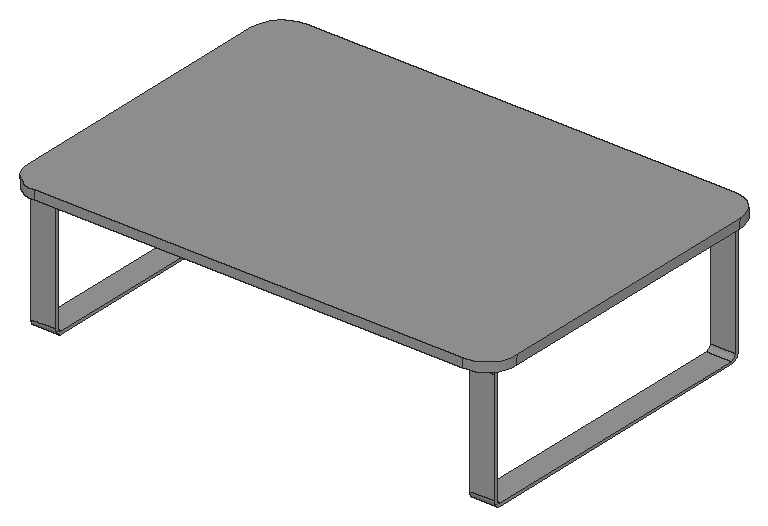
Revit family "NST069S", category Furniture, Revit 2019
Family settings
  OmniClass Number = 23.40.20.00
  OmniClass Title = General Furniture and Specialties
  Work Plane-Based = No
  Always vertical = Yes
  Cut with Voids When Loaded = No
  Shared = No
  Room Calculation Point = No
Parameters
  Width = 980 mm
  URL = "www.gof.co.uk"
  Top = Gresham - NORDIC ASH
  Range = "SEATING"
  Product Data Specification = ""
  Product Code = "NST069S"
  Product Brochure = "https://gof.co.uk/wp-content/uploads/2018/03/Take-Off-Lite-Brochure.pdf"
  Model = "TAKE OFF LITE"
  Manufacturer = "Gresham Office Furniture"  # constant formula
Reference planes
  plane 1 "Center (Front/Back)": y = -54.5
  plane 2: z = 0
  plane 3 "Center (Left/Right)": x = 0
  plane 4 "Right Inner": x = 490
  plane 5 "Left Inner": x = -490
  plane 6: y = 285.5
  plane 7: y = -394.5
  plane 8 "Seat Height": z = 460
  plane 9: z = 275
Forms (mm)
  Extrusion 1, solid, material "Gresham - NORDIC ASH" <- "Top"
    sketch origin (0, 0, 257) x (0, 1, 0) y (-1, 0, 0)
      loop
        arc (285.5, 430) -> (267.926, 472.426) -> (225.5, 490) r 60
        line (225.5, 490) -> (-334.5, 490)
        arc (-334.5, 490) -> (-376.926, 472.426) -> (-394.5, 430) r 60
        line (-394.5, 430) -> (-394.5, -430)
        arc (-394.5, -430) -> (-376.926, -472.426) -> (-334.5, -490) r 60
        line (-334.5, -490) -> (225.5, -490)
        arc (225.5, -490) -> (267.926, -472.426) -> (285.5, -430) r 60
        line (285.5, -430) -> (285.5, 430)
    from 0 to 18
Dimensions and locks
  equal spacing: plane 5 "Left Inner", plane 3 "Center (Left/Right)", plane 4 "Right Inner"
  "Width": plane 5 "Left Inner" to plane 4 "Right Inner"
  equal spacing: plane 6, plane 1 "Center (Front/Back)", plane 7
  plane 6 to plane 7 = 680 mm
  plane 9 to level = 275 mm
  locked: nested 1 to plane 4 "Right Inner" at 25
  locked: plane 5 "Left Inner" to nested 2 at 25
  aligned and locked: level to plane 2
Automatic sketch dimensions
  Extrusion 1 sketch curve to plane 7 = 0 mm
  Extrusion 1 sketch curve to plane 4 "Right Inner" = 0 mm
  Extrusion 1 sketch curve to plane 5 "Left Inner" = 0 mm
  Extrusion 1 sketch curve to plane 6 = 0 mm
  Extrusion 1 sketch curve to Extrusion 1 sketch curve = 60 mm  (x2)
  plane 7 to Extrusion 1 sketch curve = 60 mm
  Extrusion 1 sketch curve to plane 6 = 60 mm
Nested families
  nested 1: "Table Skid Frame" at (190, -137.5, 0), type "Table Skid Frame"
  nested 2: "Table Skid Frame" at (-190, -137.5, 0) x (-1, 0, 0) z (0, 0, 1), type "Table Skid Frame"
Definition of nested family "Table Skid Frame"
  Parameters (values of type "Table Skid Frame")
    Width = 600 mm
    URL = "www.gof.co.uk"
    Range = "TAKE OFF LITE"
    Product Code = ""
    Manufacturer = "Gresham Office Funiture"  # constant formula
    Frame = none
  Reference planes
    plane 1 "Center (Front/Back)": y = 83
    plane 2: z = 0
    plane 3 "Center (Left/Right)": x = 0
    plane 4: x = -300
    plane 5: x = 300
    plane 6: y = 398
    plane 7: y = -232
    plane 8: z = 275
  Forms (mm)
    Extrusion 1, solid, material <- "Frame"
      sketch origin (820, 334.886, 702) x (0, -1, 0) y (0, 0, 1)
        loop
          line (556.886, -687) -> (556.886, -460)
          arc (556.886, -460) -> (552.493, -449.393) -> (541.886, -445) r 15
          line (541.886, -445) -> (434.886, -445) -> (434.886, -450) -> (541.886, -450)
          arc (541.886, -450) -> (548.957, -452.929) -> (551.886, -460) r 10
          line (551.886, -460) -> (551.886, -687)
          arc (551.886, -687) -> (548.957, -694.071) -> (541.886, -697) r 10
          line (541.886, -697) -> (-38.114, -697)
          arc (-38.114, -697) -> (-45.185, -694.071) -> (-48.114, -687) r 10
          line (-48.114, -687) -> (-48.114, -460)
          arc (-48.114, -460) -> (-45.185, -452.929) -> (-38.114, -450) r 10
          line (-38.114, -450) -> (68.886, -450) -> (68.886, -445) -> (-38.114, -445)
          arc (-38.114, -445) -> (-48.721, -449.393) -> (-53.114, -460) r 15
          line (-53.114, -460) -> (-53.114, -687)
          arc (-53.114, -687) -> (-48.721, -697.607) -> (-38.114, -702) r 15
          line (-38.114, -702) -> (541.886, -702)
          arc (541.886, -702) -> (552.493, -697.607) -> (556.886, -687) r 15
      from 545 to 595
  Dimensions and locks
    "Width": plane 4 to plane 5
    locked: plane 6 to plane 7 at 630
    equal spacing: plane 4, plane 3 "Center (Left/Right)", plane 5
    locked: Extrusion 1 sketch curve to Extrusion 1 sketch curve at 5  (x2)
    locked: Extrusion 1 to plane 5 at 25
    equal spacing: plane 6, plane 1 "Center (Front/Back)", plane 7
    plane 6 to plane 7 = 630 mm
    plane 6 to Extrusion 1 = 10 mm
    locked: Extrusion 1 to plane 7 at 10
    locked: Extrusion 1 sketch curve to plane 7 at 10
    locked: plane 6 to Extrusion 1 sketch curve at 10
    locked: Extrusion 1 to Extrusion 1 at 50
    Extrusion 1 sketch curve to Extrusion 1 sketch curve = 122 mm  (x2)
    Extrusion 1 sketch curve to Extrusion 1 sketch curve = 5 mm  (x2)
    plane 8 to level = 275 mm  (x2)
    aligned and locked: level to plane 2
  Automatic sketch dimensions
    Extrusion 1 sketch curve to Extrusion 1 sketch curve = 0 mm  (x8)
    Extrusion 1 sketch curve to level = 0 mm
    Extrusion 1 sketch curve to Extrusion 1 sketch curve = 10 mm  (x4)
    Extrusion 1 sketch curve to plane 8 = 33 mm  (x2)
